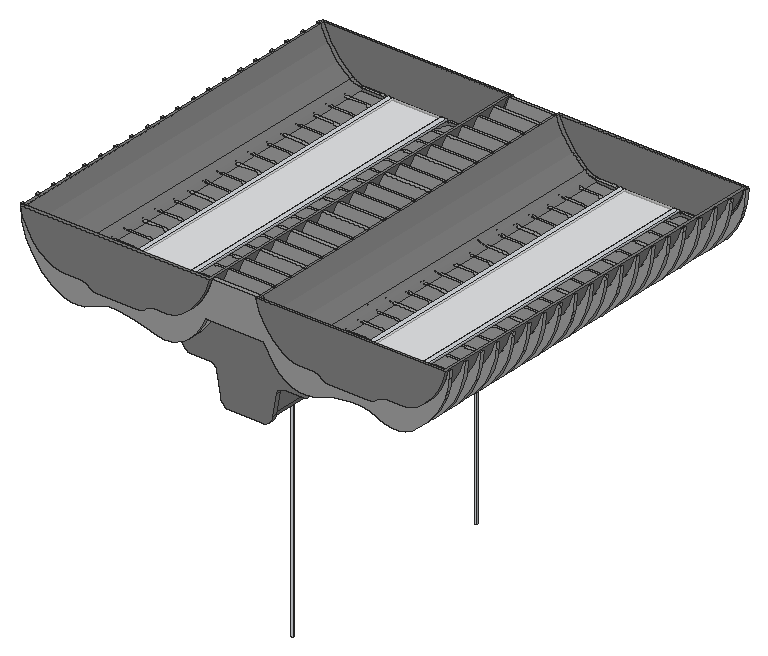
Revit family "0039267 Feilo Sylvania Lighting Fixtures SYLBAY LED 4000K 13KLM AISLE DALI", category Lighting Fixtures, host Face, Revit 2017
Family settings
  Host = Face
  Round Connector Dimension = Use Diameter
  Part Type = Normal
  OmniClass Number = 23.80.70.00
  OmniClass Title = Lighting
  Cut with Voids When Loaded = No
  Light Source = Yes
  Shared = No
  Room Calculation Point = No
Parameters (values of type "0039267 SYLBAY LED 4000K 13KLM AISLE DALI")
  WireRadius_FEILO = 1 mm
  Weight = "4.6 kg"
  Wattage Comments = "n/a"
  Wattage = 95 W
  WarrantyStartDate [instance] = "n/a"
  WarrantyGuarantorParts = "n/a"
  WarrantyDurationUnit = "n/a"
  WarrantyDurationParts = "n/a"
  WarrantyDescription = "n/a"
  built-in parameter 1150110 = 1 (stored number, unit not read)
  Voltage = 230 V
  URL = "http://www.sylvania-lighting.com"
  TypeName = "SYLBAY LED 4000K 13KLM AISLE DALI"
  Type Image = <None>
  Type Comments = "n/a"
  built-in parameter 1114217 = 1 (stored number, unit not read)
  Tilt Angle = -90.00°
  built-in parameter 1150109 = 1 (stored number, unit not read)
  built-in parameter 1150134 = 12
  SuspensionHeight_FEILO [instance] = if(SurfaceMounted_FEILO, 107 mm, SuspensionHeightEntry_FEILO)  # 300 mm
  SuspensionHeightEntry_FEILO [instance] = 300 mm
  SurfaceMounted_FEILO [instance] = no
  built-in parameter 1150113 = 1 (stored number, unit not read)
  SerialNumber [instance] = "n/a"
  ReflectorMaterial = none
  PowerFactor = 0
  PowerConsumption = "95 W"
  Photometric Web File = "0039267.ies"
  NominalLength = 330 mm
  NominalHeight = 105 mm
  NominalDepth = 375 mm
  Name = "SYLBAY LED 4000K 13KLM AISLE DALI"
  ModelReference = "SYLBAY LED 4000K 13KLM AISLE DALI"
  ModelNumber = "0039267"
  Model = "SYLBAY LED 4000K 13KLM AISLE DALI"
  Material = "aluminium housing"
  ManufacturerName = "Feilo Sylvania"
  Manufacturer = "Feilo Sylvania"
  LuminousEfficacy = "138.79 lm/W"
  built-in parameter 1150105 = 18311.2 (stored number, unit not read)
  Lumens = 13185 lm
  LuminaireType = ""
  built-in parameter 1150115 = 1 (stored number, unit not read)
  LightOutputRatio = "100"
  built-in parameter 1150137 = (empty or 0)
  built-in parameter 1150139 = (empty or 0)
  LampsType = Lamp  # "LED"
  LampNominalLuminous = "13046 lm"
  LampMacAdamStep = "n/a"
  LampColourTemperature = "4000 K"
  LampColourRenderingIndex = "80"
  built-in parameter 1150112 = 1 (stored number, unit not read)
  built-in parameter 1150114 = 1 (stored number, unit not read)
  Lamp = "LED"
  Keynote = "16500"
  InstallationDate [instance] = "n/a"
  InputVoltage = "220-240V~"
  InputNominalFrequency = "50/60 Hz"
  built-in parameter 1150132 = (empty or 0)
  built-in parameter 1150102 = (empty or 0)
  built-in parameter 1150107 = 4000 (stored number, unit not read)
  built-in parameter 1150138 = (empty or 0)
  IngressProtection = "IP65"
  ImpactProtectionIndex = "IK08"
  built-in parameter 1150106 = 183.11 (stored number, unit not read)
  IfcExportType = "IfcLightFixtureType"
  IfcExportAs = "IfcLightFixtureType"
  ExpectedLife = 50000
  Emit from Rectangle Width = 365 mm
  Emit from Rectangle Length = 320 mm
  Emit Shape Visible in Rendering = no
  ElectricShockClassification = "Class I"
  built-in parameter 1150104 = 12.894 (stored number, unit not read)
  DurationUnit = "hours"
  DocumentationLiterature = "http://www.sylvania-lighting.com/product/en-int/products/0039267"
  DimmingControlOptions = "Dimmable"
  Dimming Lamp Color Temperature Shift = <None>
  DiffuserMaterial = Diffuser-Sylvania-Sylbay-Transparent
  Description = "Specification industrial high bay luminaire, robust and durable, slim design, high output and efficiency, lightweight, aluminium housing with shatter-resistant polycarbonate lens optic, 13,000 lumens, 95W, 137lm/W, 4000K, 1400mA, CRI 80, aisle beam optic, DALI dimmable, IP65, IK08, 100,000 hrs (L90B10), (LxWxH) 330x375x105mm, 3 step MacAdam ellipse, 4.6kg, aluminium finish, Class 1, 220-240V, integrated LED, energy class: A++, A+, A."
  Default Elevation = 1219.2 mm
  CreatedOn = "17/11/2017"
  CreatedBy = ""
  Cost = 0
  Color Filter = 16777215
  built-in parameter 1114216 [instance] = (empty or 0)
  BodyMaterial = Body-Sylvania-Sylbay-Aluminium
  BarCode [instance] = "n/a"
  built-in parameter 1114218 = 1 (stored number, unit not read)
  built-in parameter 1150133 = 10 (stored number, unit not read)
  AssetType = "Fixed"
  AssetIdentifier [instance] = "n/a"
  Assembly Code = "D5020200"
  Apparent Load = 95 VA
  AccessoryMaterial = Accesory-Sylvania-Sylbay-White
Reference planes
  plane 1 "Center (Front/Back)": y = 0
  plane 2: z = 0
  plane 3 "Center (Left/Right)": x = 0
  plane 4: z = 300
  plane 5: y = -147
  plane 6: y = 100
  plane 7: y = -100
  plane 8: z = 237.522
  plane 9: z = 246.272
  plane 10: z = 227.522
  plane 11: z = 266.272
  plane 12: z = 256.272
  plane 13: z = 262.272
  plane 14: y = 147
  plane 15: y = -8.075
  plane 16: y = 8.075
  plane 17: y = -150
  plane 18: y = 150
  plane 19: z = 195
  plane 20: z = 193
Forms (mm)
  Extrusion 1, solid, material "Accesory-Sylvania-Sylbay-White" <- "AccessoryMaterial"
    sketch origin (0, 0, 0) x (1, 0, 0) y (0, 0, 1)
      loop
        arc (-39.258, 246.272) -> (-44.534, 242.283) -> (-50.507, 239.445) r 32.519
        arc (-50.507, 239.445) -> (-54.463, 232.388) -> (-48, 227.522) r 6.147
        line (-48, 227.522) -> (-32.102, 227.522)
        arc (-32.102, 227.522) -> (-26.92, 225.616) -> (-24.206, 220.808) r 8
        line (-24.206, 220.808) -> (-21.094, 201.713)
        arc (-21.094, 201.713) -> (-18.38, 196.905) -> (-13.198, 195) r 8
        line (-13.198, 195) -> (13.198, 195)
        arc (13.198, 195) -> (18.393, 196.916) -> (21.099, 201.746) r 8
        line (21.099, 201.746) -> (24.206, 220.808)
        arc (24.206, 220.808) -> (26.92, 225.616) -> (32.102, 227.522) r 8
        line (32.102, 227.522) -> (48, 227.522)
        arc (48, 227.522) -> (54.463, 232.388) -> (50.507, 239.445) r 6.147
        arc (50.507, 239.445) -> (44.534, 242.283) -> (39.258, 246.272) r 32.519
        arc (39.258, 246.272) -> (31.199, 255.531) -> (25.254, 266.272) r 58.361
        line (25.254, 266.272) -> (-25.254, 266.272)
        arc (-25.254, 266.272) -> (-31.199, 255.531) -> (-39.258, 246.272) r 58.361
    from -147 to 147
  Extrusion 2, solid, material "Body-Sylvania-Sylbay-Aluminium" <- "BodyMaterial", detail levels medium+fine
    sketch origin (0, 0, 0) x (1, 0, 0) y (0, 0, 1)
      loop
        arc (-32.102, 225.522) -> (-28.215, 224.093) -> (-26.18, 220.487) r 6
        line (-26.18, 220.487) -> (-23.068, 201.392)
        arc (-23.068, 201.392) -> (-19.676, 195.381) -> (-13.198, 193) r 10
        line (-13.198, 193) -> (13.198, 193)
        arc (13.198, 193) -> (19.69, 195.393) -> (23.074, 201.428) r 10
        line (23.074, 201.428) -> (26.18, 220.487)
        arc (26.18, 220.487) -> (28.215, 224.093) -> (32.102, 225.522) r 6
        line (32.102, 225.522) -> (47.932, 225.522)
        arc (47.932, 225.522) -> (54.718, 228.451) -> (56.343, 235.661) r 8.147
        arc (56.343, 235.661) -> (55.292, 237.506) -> (53.445, 238.553) r 4
        arc (53.445, 238.553) -> (45.865, 241.518) -> (39.258, 246.272) r 32.519
        arc (39.258, 246.272) -> (32.89, 253.237) -> (27.728, 261.137) r 58.361
        arc (27.728, 261.137) -> (25.523, 263.429) -> (22.456, 264.272) r 6
        line (22.456, 264.272) -> (-22.456, 264.272)
        arc (-22.456, 264.272) -> (-25.523, 263.429) -> (-27.728, 261.137) r 6
        arc (-27.728, 261.137) -> (-32.89, 253.237) -> (-39.258, 246.272) r 58.361
        arc (-39.258, 246.272) -> (-45.865, 241.518) -> (-53.445, 238.553) r 32.519
        arc (-53.445, 238.553) -> (-55.292, 237.506) -> (-56.343, 235.661) r 4
        arc (-56.343, 235.661) -> (-54.718, 228.451) -> (-47.932, 225.522) r 8.147
        line (-47.932, 225.522) -> (-32.102, 225.522)
    from 147 to 150
  Extrusion 3, solid, detail levels medium+fine
    sketch origin (0, 0, 0) x (1, 0, 0) y (0, 0, 1)
      loop
        line (-47.932, 225.522) -> (-32.102, 225.522)
        arc (-32.102, 225.522) -> (-28.215, 224.093) -> (-26.18, 220.487) r 6
        line (-26.18, 220.487) -> (-23.068, 201.392)
        arc (-23.068, 201.392) -> (-19.676, 195.381) -> (-13.198, 193) r 10
        line (-13.198, 193) -> (13.198, 193)
        arc (13.198, 193) -> (19.69, 195.393) -> (23.074, 201.428) r 10
        line (23.074, 201.428) -> (26.18, 220.487)
        arc (26.18, 220.487) -> (28.215, 224.093) -> (32.102, 225.522) r 6
        line (32.102, 225.522) -> (47.932, 225.522)
        arc (47.932, 225.522) -> (54.718, 228.451) -> (56.343, 235.661) r 8.147
        arc (56.343, 235.661) -> (55.292, 237.506) -> (53.445, 238.553) r 4
        arc (53.445, 238.553) -> (45.865, 241.518) -> (39.258, 246.272) r 32.519
        arc (39.258, 246.272) -> (32.89, 253.237) -> (27.728, 261.137) r 58.361
        arc (27.728, 261.137) -> (25.523, 263.429) -> (22.456, 264.272) r 6
        line (22.456, 264.272) -> (-22.456, 264.272)
        arc (-22.456, 264.272) -> (-25.523, 263.429) -> (-27.728, 261.137) r 6
        arc (-27.728, 261.137) -> (-32.89, 253.237) -> (-39.258, 246.272) r 58.361
        arc (-39.258, 246.272) -> (-45.865, 241.518) -> (-53.445, 238.553) r 32.519
        arc (-53.445, 238.553) -> (-55.292, 237.506) -> (-56.343, 235.661) r 4
        arc (-56.343, 235.661) -> (-54.718, 228.451) -> (-47.932, 225.522) r 8.147
    from -150 to -147
  Extrusion 4, solid
    sketch origin (-316.531, -4572, 195) x (-1, 0, 0) y (0, -1, 0)
      loop
        circle (-316.531, -4672) r 1
      loop
        circle (-316.531, -4472) r 1
    from 0 to -195
Dimensions and locks
  "SuspensionHeight_FEILO": plane 4 to plane 2
  equal spacing: plane 7, plane 1 "Center (Front/Back)", plane 6
  locked: plane 1 "Center (Front/Back)" to plane 6 at 100
  locked: plane 4 to plane 8 at 62.478
  locked: plane 4 to plane 9 at 53.728
  plane 4 to plane 10 = 72.478 mm
  locked: plane 4 to plane 11 at 33.728
  locked: plane 12 to plane 9 at 10
  locked: plane 13 to plane 12 at 6
  locked: plane 3 "Center (Left/Right)" to Extrusion 1 sketch curve at 48.447
  locked: Extrusion 1 sketch curve to plane 3 "Center (Left/Right)" at 48.447
  locked: plane 4 to Extrusion 1 sketch curve at 66.347  (x2)
  Extrusion 1 sketch curve to plane 3 "Center (Left/Right)" to Extrusion 1 sketch curve = 13.198 mm locked, 13.198 mm locked
  Extrusion 1 sketch curve to plane 3 "Center (Left/Right)" to Extrusion 1 sketch curve = 32.102 mm locked, 32.102 mm locked
  locked: plane 4 to Extrusion 1 sketch curve at 97  (x2)
  locked: plane 4 to Extrusion 1 sketch curve at 80.478  (x2)
  equal spacing: plane 15, plane 1 "Center (Front/Back)", plane 16
  locked: plane 15 to plane 16 at 16.15
  locked: plane 10 to Extrusion 2 sketch curve at 2
  plane 10 to Extrusion 2 sketch curve = 2 mm
  locked: Extrusion 2 sketch curve to Extrusion 1 at 2  (x2)
  locked: Extrusion 2 sketch curve to plane 3 "Center (Left/Right)" at 52.466
  locked: plane 3 "Center (Left/Right)" to Extrusion 2 sketch curve at 52.466
  locked: plane 4 to Extrusion 2 sketch curve at 65.325  (x2)
  locked: plane 4 to Extrusion 2 sketch curve at 41.728  (x2)
  locked: plane 3 "Center (Left/Right)" to Extrusion 2 sketch curve at 22.456
  locked: Extrusion 2 sketch curve to plane 3 "Center (Left/Right)" at 22.456
  locked: plane 4 to plane 19 at 105
  locked: plane 19 to plane 20 at 2
  locked: plane 1 "Center (Front/Back)" to plane 18 at 150
  locked: plane 14 to plane 18 at 3
  locked: plane 17 to plane 1 "Center (Front/Back)" at 150
  locked: plane 17 to plane 5 at 3
  "WireRadius_FEILO": radius of Extrusion 4 sketch curve  (x2)
  aligned and locked: plane 2 to host face
  aligned and locked: level to host face
  aligned and locked: plane 10 to Extrusion 1 sketch curve
  aligned and locked: plane 5 to Extrusion 1
  aligned and locked: Extrusion 1 to plane 14
  aligned and locked: imposter light to plane 4
  aligned and locked: plane 3 "Center (Left/Right)" to imposter light
  aligned and locked: plane 1 "Center (Front/Back)" to imposter light
  aligned and locked: plane 17 to Extrusion 2
  aligned and locked: Extrusion 2 to plane 5
  aligned and locked: Extrusion 3 sketch curve to Extrusion 2  (x15)
  aligned and locked: Extrusion 3 to Extrusion 1
  aligned and locked: Extrusion 3 to plane 18
  aligned and locked: Extrusion 1 sketch curve to plane 19
  aligned and locked: plane 7 to Extrusion 4 sketch curve
  aligned and locked: plane 3 "Center (Left/Right)" to Extrusion 4 sketch curve  (x2)
  aligned and locked: plane 6 to Extrusion 4 sketch curve
  aligned and locked: Extrusion 1 to Extrusion 4
  aligned and locked: Extrusion 4 to level
  aligned and locked: plane 20 to Extrusion 2 sketch curve
  aligned and locked: plane 3 "Center (Left/Right)" to nested 1
  aligned and locked: plane 1 "Center (Front/Back)" to nested 1
Automatic sketch dimensions
  host sketch curve to host sketch curve = 2438.4 mm  (x2)
  Extrusion 1 sketch curve to plane 9 = 0 mm  (x4)
  Extrusion 1 sketch curve to plane 10 = 0 mm
  plane 11 to Extrusion 1 sketch curve = 3.811 mm
  Extrusion 1 sketch curve to Extrusion 1 sketch curve = 36.151 mm  (x2)
  Extrusion 1 sketch curve to plane 4 = 10.994 mm  (x2)
  Extrusion 1 sketch curve to plane 11 = 0 mm
  plane 9 to Extrusion 1 sketch curve = 23.811 mm
  Extrusion 1 sketch curve to plane 10 = 6.713 mm  (x2)
  plane 19 to Extrusion 1 sketch curve = 6.713 mm
  Extrusion 3 sketch curve to plane 10 = 7.035 mm  (x2)
  plane 19 to Extrusion 3 sketch curve = 6.392 mm
  plane 19 to Extrusion 1 sketch curve = 6.746 mm
  plane 19 to Extrusion 3 sketch curve = 6.428 mm
  plane 3 "Center (Left/Right)" to Extrusion 1 sketch curve = 25.254 mm
  Extrusion 1 sketch curve to Extrusion 1 sketch curve = 0.447 mm  (x2)
  Extrusion 1 sketch curve to Extrusion 1 sketch curve = 12.959 mm
  Extrusion 2 sketch curve to plane 9 = 0 mm  (x4)
  plane 11 to Extrusion 2 sketch curve = 3.811 mm  (x2)
  Extrusion 2 sketch curve to Extrusion 2 sketch curve = 8.939 mm  (x2)
  Extrusion 2 sketch curve to plane 4 = 10.994 mm  (x2)
  Extrusion 2 sketch curve to Extrusion 2 sketch curve = 17.6 mm  (x2)
  Extrusion 2 sketch curve to Extrusion 2 sketch curve = 4.02 mm  (x2)
  Extrusion 2 sketch curve to Extrusion 2 sketch curve = 0.514 mm
  Extrusion 2 sketch curve to plane 10 = 8 mm
  Extrusion 2 sketch curve to plane 10 = 7.035 mm  (x2)
  plane 19 to Extrusion 2 sketch curve = 6.392 mm
  plane 19 to Extrusion 2 sketch curve = 8 mm
  plane 3 "Center (Left/Right)" to Extrusion 2 sketch curve = 13.198 mm
  plane 19 to Extrusion 2 sketch curve = 6.428 mm
  Extrusion 2 sketch curve to Extrusion 2 sketch curve = 5.922 mm
  Extrusion 2 sketch curve to Extrusion 2 sketch curve = 4.534 mm
  Extrusion 2 sketch curve to plane 8 = 3.869 mm  (x2)
  Extrusion 2 sketch curve to plane 11 = 2 mm
  Extrusion 2 sketch curve to Extrusion 2 sketch curve = 0 mm  (x2)
Nested families
  nested 1: "SylbayBody" at (0, 0, 266.272), type "SylbayBody"
  nested 2: "SlybayRib" at (0, 144.453, 300), type "SylbayRib"
  nested 3: "SlybayRib" at (0, 127.406, 300), type "SylbayRib"
  nested 4: "SlybayRib" at (0, 110.358, 300), type "SylbayRib"
  nested 5: "SlybayRib" at (0, 93.311, 300), type "SylbayRib"
  nested 6: "SlybayRib" at (0, 76.264, 300), type "SylbayRib"
  nested 7: "SlybayRib" at (0, 59.217, 300), type "SylbayRib"
  nested 8: "SlybayRib" at (0, 42.169, 300), type "SylbayRib"
  nested 9: "SlybayRib" at (0, 25.122, 300), type "SylbayRib"
  nested 10: "SlybayRib" at (0, 161.5, 300), type "SylbayRib"
  nested 11: "SlybayRib" at (0, -144.453, 300), type "SylbayRib"
  nested 12: "SlybayRib" at (0, -127.406, 300), type "SylbayRib"
  nested 13: "SlybayRib" at (0, -110.358, 300), type "SylbayRib"
  nested 14: "SlybayRib" at (0, -93.311, 300), type "SylbayRib"
  nested 15: "SlybayRib" at (0, -76.264, 300), type "SylbayRib"
  nested 16: "SlybayRib" at (0, -59.217, 300), type "SylbayRib"
  nested 17: "SlybayRib" at (0, -42.169, 300), type "SylbayRib"
  nested 18: "SlybayRib" at (0, -25.122, 300), type "SylbayRib"
  nested 19: "SlybayRib" at (0, -161.5, 300), type "SylbayRib"
  nested 20: "SlybayRib" at (0, 8.075, 300), type "SylbayRib"
  nested 21: "SlybayRib" at (0, -8.075, 300), type "SylbayRib"
Connectors
  electrical at (0, 0, 0), driven by "Apparent Load"
    settings: index 1, voltage 230 V, apparent load 95 VA, apparent load phase1 0 VA, apparent load phase2 0 VA, apparent load phase3 0 VA, power factor 0, load classification "Lighting", number of poles 1, system type 30, power factor state 1, is connector primary yes, connector utility no, sub classification motor no, connector description ""
Definition of nested family "SylbayBody"
  Parameters (values of type "SylbayBody")
    URL = "http://www.feilosylvania.com"
    Type Image = (empty or 0)
    Type Comments = "n/a"
    RibLast_FEILO = 161.5 mm
    RibDistance_FEILO = RibLast_FEILO / 10  # 16.15 mm
    ReflectorMaterial = none
    Model = ""
    Manufacturer = "Feilo Sylvania"
    Keynote = ""
    DiffuserMaterial = none
    Description = "n/a"
    Default Elevation = 1219.2 mm
    Cost = 0
    BodyMaterial = none
    Assembly Code = "D5020200"
    AccessoryMaterial = none
  Reference planes
    plane 1 "Center (Front/Back)": y = 0
    plane 2: z = 0
    plane 3 "Center (Left/Right)": x = 0
    plane 4: x = -187.5
    plane 5: x = 187.5
    plane 6: z = 33.728
    plane 7: y = -165
    plane 8: y = 165
    plane 9: y = -148
    plane 10: y = 160
    plane 11: y = -160
    plane 12: z = -28.75
    plane 13: z = -20
    plane 14: x = -102.75
    plane 15: x = 102.75
    plane 16: z = 0
    plane 17: x = -185.5
    plane 18: x = -20
    plane 19: z = -10
    plane 20: x = -122.75
    plane 21: x = -82.75
    plane 22: z = -4
    plane 23: x = -130.75
    plane 24: x = -74.75
    plane 25: x = -145.75
    plane 26: x = -59.75
    plane 27: x = -25.3
    plane 28: x = -183.5
    plane 29: x = -22
    plane 30: y = -163
    plane 31: y = 163
    plane 32: x = 25.3
    plane 33: x = -48
    plane 34: x = 48
    plane 35: x = 20
    plane 36: y = 148
    plane 37: y = -161.5
    plane 38: y = 161.5
    plane 39: y = -8.075
    plane 40: y = 8.075
    plane 41: y = -151
    plane 42: y = 151
    plane 43: y = 149
    plane 44: y = 152
    plane 45: z = -2
    plane 46: z = 0
  Forms (mm)
    Extrusion 1, solid
      sketch origin (4.2, 0, 0) x (1, 0, 0) y (0, 1, 0)
        loop
          line (-1219.2, 1219.2) -> (-1219.2, -1219.2) -> (1219.2, -1219.2) -> (1219.2, 1219.2) -> (-1219.2, 1219.2)
      from 0 to -304.8
    Extrusion 2, solid, material <- "BodyMaterial", detail levels coarse+medium
      sketch origin (0, 0, -234.25) x (1, 0, 0) y (0, 0, 1)
        loop
          arc (-187.5, 267.978) -> (-180.003, 237.85) -> (-159.829, 214.25) r 67.598
          arc (-159.829, 214.25) -> (-143.258, 206.411) -> (-125.169, 209.379) r 30.791
          arc (-125.169, 209.379) -> (-113.533, 213.402) -> (-101.25, 214.25) r 46.777
          arc (-101.25, 214.25) -> (-87.202, 212.214) -> (-73.664, 207.942) r 87.865
          arc (-73.664, 207.942) -> (-55.541, 206.076) -> (-39.258, 214.25) r 32.519
          arc (-39.258, 214.25) -> (-31.199, 223.509) -> (-25.254, 234.25) r 58.361
          line (-25.254, 234.25) -> (25.254, 234.25)
          arc (25.254, 234.25) -> (31.199, 223.509) -> (39.258, 214.25) r 58.361
          arc (39.258, 214.25) -> (55.541, 206.076) -> (73.664, 207.942) r 32.519
          arc (73.664, 207.942) -> (87.202, 212.214) -> (101.25, 214.25) r 87.865
          arc (101.25, 214.25) -> (113.533, 213.402) -> (125.169, 209.379) r 46.777
          arc (125.169, 209.379) -> (143.258, 206.411) -> (159.829, 214.25) r 30.791
          arc (159.829, 214.25) -> (180.003, 237.85) -> (187.5, 267.978) r 67.598
          line (187.5, 267.978) -> (185.5, 267.978)
          arc (185.5, 267.978) -> (176.042, 248.665) -> (160.084, 234.25) r 56.823
          arc (160.084, 234.25) -> (153.191, 231.269) -> (145.75, 230.25) r 27.682
          line (145.75, 230.25) -> (132.583, 230.25)
          arc (132.583, 230.25) -> (129.421, 229.737) -> (126.583, 228.25) r 10
          line (126.583, 228.25) -> (123.917, 226.25)
          arc (123.917, 226.25) -> (121.079, 224.763) -> (117.917, 224.25) r 10
          line (117.917, 224.25) -> (84.583, 224.25)
          arc (84.583, 224.25) -> (81.421, 224.763) -> (78.583, 226.25) r 10
          line (78.583, 226.25) -> (75.917, 228.25)
          arc (75.917, 228.25) -> (73.079, 229.737) -> (69.917, 230.25) r 10
          line (69.917, 230.25) -> (58.25, 230.25)
          arc (58.25, 230.25) -> (51.55, 231.273) -> (45.461, 234.25) r 22.443
          arc (45.461, 234.25) -> (30.027, 249.073) -> (20, 267.978) r 67.602
          line (20, 267.978) -> (-20, 267.978)
          arc (-20, 267.978) -> (-30.027, 249.073) -> (-45.461, 234.25) r 67.602
          arc (-45.461, 234.25) -> (-51.55, 231.273) -> (-58.25, 230.25) r 22.443
          line (-58.25, 230.25) -> (-69.917, 230.25)
          arc (-69.917, 230.25) -> (-73.079, 229.737) -> (-75.917, 228.25) r 10
          line (-75.917, 228.25) -> (-78.583, 226.25)
          arc (-78.583, 226.25) -> (-81.421, 224.763) -> (-84.583, 224.25) r 10
          line (-84.583, 224.25) -> (-117.917, 224.25)
          arc (-117.917, 224.25) -> (-121.079, 224.763) -> (-123.917, 226.25) r 10
          line (-123.917, 226.25) -> (-126.583, 228.25)
          arc (-126.583, 228.25) -> (-129.421, 229.737) -> (-132.583, 230.25) r 10
          line (-132.583, 230.25) -> (-145.75, 230.25)
          arc (-145.75, 230.25) -> (-153.191, 231.269) -> (-160.084, 234.25) r 27.682
          arc (-160.084, 234.25) -> (-176.042, 248.665) -> (-185.5, 267.978) r 56.823
          line (-185.5, 267.978) -> (-187.5, 267.978)
      from 160 to -160
    Extrusion 3, solid, material <- "BodyMaterial"
      sketch origin (0, 0, -234.25) x (1, 0, 0) y (0, 0, 1)
        loop
          arc (-145.75, 230.25) -> (-152.168, 231.276) -> (-157.947, 234.25) r 20.597
          arc (-157.947, 234.25) -> (-173.175, 249.257) -> (-183.5, 267.978) r 74.319
          line (-183.5, 267.978) -> (-185.5, 267.978)
          arc (-185.5, 267.978) -> (-176.042, 248.665) -> (-160.084, 234.25) r 56.823
          arc (-160.084, 234.25) -> (-153.191, 231.269) -> (-145.75, 230.25) r 27.682
        loop
          arc (-45.461, 234.25) -> (-30.027, 249.073) -> (-20, 267.978) r 67.602
          line (-20, 267.978) -> (-22, 267.978)
          arc (-22, 267.978) -> (-31.964, 249.398) -> (-46.63, 234.25) r 76.357
          arc (-46.63, 234.25) -> (-52.105, 231.278) -> (-58.25, 230.25) r 18.878
          arc (-58.25, 230.25) -> (-51.55, 231.273) -> (-45.461, 234.25) r 22.443
        loop
          arc (145.75, 230.25) -> (153.191, 231.269) -> (160.084, 234.25) r 27.682
          arc (160.084, 234.25) -> (176.042, 248.665) -> (185.5, 267.978) r 56.823
          line (185.5, 267.978) -> (183.5, 267.978)
          arc (183.5, 267.978) -> (173.175, 249.257) -> (157.947, 234.25) r 74.319
          arc (157.947, 234.25) -> (152.168, 231.276) -> (145.75, 230.25) r 20.597
        loop
          arc (45.461, 234.25) -> (51.55, 231.273) -> (58.25, 230.25) r 22.443
          arc (58.25, 230.25) -> (52.105, 231.278) -> (46.63, 234.25) r 18.878
          arc (46.63, 234.25) -> (31.964, 249.398) -> (22, 267.978) r 76.357
          line (22, 267.978) -> (20, 267.978)
          arc (20, 267.978) -> (30.027, 249.073) -> (45.461, 234.25) r 67.602
      from -160 to 160
    Extrusion 4, solid, material <- "BodyMaterial"
      sketch origin (0, -165, -843.85) x (0, 0, -1) y (1, 0, 0)
        loop
          arc (-837.85, -132.583) -> (-837.439, -130.054) -> (-836.25, -127.783) r 8
          line (-836.25, -127.783) -> (-834.25, -125.117)
          arc (-834.25, -125.117) -> (-832.466, -121.711) -> (-831.85, -117.917) r 12
          line (-831.85, -117.917) -> (-831.85, -84.583)
          arc (-831.85, -84.583) -> (-832.466, -80.789) -> (-834.25, -77.383) r 12
          line (-834.25, -77.383) -> (-836.25, -74.717)
          arc (-836.25, -74.717) -> (-837.439, -72.446) -> (-837.85, -69.917) r 8
          line (-837.85, -69.917) -> (-837.85, -58.25)
          arc (-837.85, -58.25) -> (-838.965, -50.953) -> (-842.206, -44.322) r 24.443
          arc (-842.206, -44.322) -> (-857.666, -28.923) -> (-877.578, -20) r 60.581
          line (-877.578, -20) -> (-877.578, -22)
          arc (-877.578, -22) -> (-858.998, -31.964) -> (-843.85, -46.63) r 76.357
          arc (-843.85, -46.63) -> (-840.878, -52.105) -> (-839.85, -58.25) r 18.878
          line (-839.85, -58.25) -> (-839.85, -69.917)
          arc (-839.85, -69.917) -> (-839.337, -73.079) -> (-837.85, -75.917) r 10
          line (-837.85, -75.917) -> (-835.85, -78.583)
          arc (-835.85, -78.583) -> (-834.363, -81.421) -> (-833.85, -84.583) r 10
          line (-833.85, -84.583) -> (-833.85, -117.917)
          arc (-833.85, -117.917) -> (-834.363, -121.079) -> (-835.85, -123.917) r 10
          line (-835.85, -123.917) -> (-837.85, -126.583)
          arc (-837.85, -126.583) -> (-839.337, -129.421) -> (-839.85, -132.583) r 10
          line (-839.85, -132.583) -> (-839.85, -145.75)
          arc (-839.85, -145.75) -> (-840.876, -152.168) -> (-843.85, -157.947) r 20.597
          arc (-843.85, -157.947) -> (-858.857, -173.175) -> (-877.578, -183.5) r 74.319
          line (-877.578, -183.5) -> (-877.578, -185.5)
          arc (-877.578, -185.5) -> (-857.235, -177.123) -> (-842.139, -161.119) r 52.287
          arc (-842.139, -161.119) -> (-838.942, -153.728) -> (-837.85, -145.75) r 29.682
          line (-837.85, -145.75) -> (-837.85, -132.583)
        loop
          line (-837.85, 132.583) -> (-837.85, 145.75)
          arc (-837.85, 145.75) -> (-838.942, 153.728) -> (-842.139, 161.119) r 29.682
          arc (-842.139, 161.119) -> (-857.235, 177.123) -> (-877.578, 185.5) r 52.287
          line (-877.578, 185.5) -> (-877.578, 183.5)
          arc (-877.578, 183.5) -> (-858.857, 173.175) -> (-843.85, 157.947) r 74.319
          arc (-843.85, 157.947) -> (-840.876, 152.168) -> (-839.85, 145.75) r 20.597
          line (-839.85, 145.75) -> (-839.85, 132.583)
          arc (-839.85, 132.583) -> (-839.337, 129.421) -> (-837.85, 126.583) r 10
          line (-837.85, 126.583) -> (-835.85, 123.917)
          arc (-835.85, 123.917) -> (-834.363, 121.079) -> (-833.85, 117.917) r 10
          line (-833.85, 117.917) -> (-833.85, 84.583)
          arc (-833.85, 84.583) -> (-834.363, 81.421) -> (-835.85, 78.583) r 10
          line (-835.85, 78.583) -> (-837.85, 75.917)
          arc (-837.85, 75.917) -> (-839.337, 73.079) -> (-839.85, 69.917) r 10
          line (-839.85, 69.917) -> (-839.85, 58.25)
          arc (-839.85, 58.25) -> (-840.878, 52.105) -> (-843.85, 46.63) r 18.878
          arc (-843.85, 46.63) -> (-858.998, 31.964) -> (-877.578, 22) r 76.357
          line (-877.578, 22) -> (-877.578, 20)
          arc (-877.578, 20) -> (-857.666, 28.923) -> (-842.206, 44.322) r 60.581
          arc (-842.206, 44.322) -> (-838.965, 50.953) -> (-837.85, 58.25) r 24.443
          line (-837.85, 58.25) -> (-837.85, 69.917)
          arc (-837.85, 69.917) -> (-837.439, 72.446) -> (-836.25, 74.717) r 8
          line (-836.25, 74.717) -> (-834.25, 77.383)
          arc (-834.25, 77.383) -> (-832.466, 80.789) -> (-831.85, 84.583) r 12
          line (-831.85, 84.583) -> (-831.85, 117.917)
          arc (-831.85, 117.917) -> (-832.466, 121.711) -> (-834.25, 125.117) r 12
          line (-834.25, 125.117) -> (-836.25, 127.783)
          arc (-836.25, 127.783) -> (-837.439, 130.054) -> (-837.85, 132.583) r 8
      from -2 to -5
    Extrusion 5, solid, material <- "BodyMaterial"
      sketch origin (0, 165, -843.85) x (0, 0, -1) y (1, 0, 0)
        loop
          line (-831.85, -117.917) -> (-831.85, -84.583)
          arc (-831.85, -84.583) -> (-832.466, -80.789) -> (-834.25, -77.383) r 12
          line (-834.25, -77.383) -> (-836.25, -74.717)
          arc (-836.25, -74.717) -> (-837.439, -72.446) -> (-837.85, -69.917) r 8
          line (-837.85, -69.917) -> (-837.85, -58.25)
          arc (-837.85, -58.25) -> (-838.965, -50.953) -> (-842.206, -44.322) r 24.443
          arc (-842.206, -44.322) -> (-857.666, -28.923) -> (-877.578, -20) r 60.581
          line (-877.578, -20) -> (-877.578, -22)
          arc (-877.578, -22) -> (-858.998, -31.964) -> (-843.85, -46.63) r 76.357
          arc (-843.85, -46.63) -> (-840.878, -52.105) -> (-839.85, -58.25) r 18.878
          line (-839.85, -58.25) -> (-839.85, -69.917)
          arc (-839.85, -69.917) -> (-839.337, -73.079) -> (-837.85, -75.917) r 10
          line (-837.85, -75.917) -> (-835.85, -78.583)
          arc (-835.85, -78.583) -> (-834.363, -81.421) -> (-833.85, -84.583) r 10
          line (-833.85, -84.583) -> (-833.85, -117.917)
          arc (-833.85, -117.917) -> (-834.363, -121.079) -> (-835.85, -123.917) r 10
          line (-835.85, -123.917) -> (-837.85, -126.583)
          arc (-837.85, -126.583) -> (-839.337, -129.421) -> (-839.85, -132.583) r 10
          line (-839.85, -132.583) -> (-839.85, -145.75)
          arc (-839.85, -145.75) -> (-840.876, -152.168) -> (-843.85, -157.947) r 20.597
          arc (-843.85, -157.947) -> (-858.857, -173.175) -> (-877.578, -183.5) r 74.319
          line (-877.578, -183.5) -> (-877.578, -185.5)
          arc (-877.578, -185.5) -> (-857.235, -177.123) -> (-842.139, -161.119) r 52.287
          arc (-842.139, -161.119) -> (-838.942, -153.728) -> (-837.85, -145.75) r 29.682
          line (-837.85, -145.75) -> (-837.85, -132.583)
          arc (-837.85, -132.583) -> (-837.439, -130.054) -> (-836.25, -127.783) r 8
          line (-836.25, -127.783) -> (-834.25, -125.117)
          arc (-834.25, -125.117) -> (-832.466, -121.711) -> (-831.85, -117.917) r 12
        loop
          line (-831.85, 84.583) -> (-831.85, 117.917)
          arc (-831.85, 117.917) -> (-832.466, 121.711) -> (-834.25, 125.117) r 12
          line (-834.25, 125.117) -> (-836.25, 127.783)
          arc (-836.25, 127.783) -> (-837.439, 130.054) -> (-837.85, 132.583) r 8
          line (-837.85, 132.583) -> (-837.85, 145.75)
          arc (-837.85, 145.75) -> (-838.942, 153.728) -> (-842.139, 161.119) r 29.682
          arc (-842.139, 161.119) -> (-857.235, 177.123) -> (-877.578, 185.5) r 52.287
          line (-877.578, 185.5) -> (-877.578, 183.5)
          arc (-877.578, 183.5) -> (-858.857, 173.175) -> (-843.85, 157.947) r 74.319
          arc (-843.85, 157.947) -> (-840.876, 152.168) -> (-839.85, 145.75) r 20.597
          line (-839.85, 145.75) -> (-839.85, 132.583)
          arc (-839.85, 132.583) -> (-839.337, 129.421) -> (-837.85, 126.583) r 10
          line (-837.85, 126.583) -> (-835.85, 123.917)
          arc (-835.85, 123.917) -> (-834.363, 121.079) -> (-833.85, 117.917) r 10
          line (-833.85, 117.917) -> (-833.85, 84.583)
          arc (-833.85, 84.583) -> (-834.363, 81.421) -> (-835.85, 78.583) r 10
          line (-835.85, 78.583) -> (-837.85, 75.917)
          arc (-837.85, 75.917) -> (-839.337, 73.079) -> (-839.85, 69.917) r 10
          line (-839.85, 69.917) -> (-839.85, 58.25)
          arc (-839.85, 58.25) -> (-840.878, 52.105) -> (-843.85, 46.63) r 18.878
          arc (-843.85, 46.63) -> (-858.998, 31.964) -> (-877.578, 22) r 76.357
          line (-877.578, 22) -> (-877.578, 20)
          arc (-877.578, 20) -> (-857.666, 28.923) -> (-842.206, 44.322) r 60.581
          arc (-842.206, 44.322) -> (-838.965, 50.953) -> (-837.85, 58.25) r 24.443
          line (-837.85, 58.25) -> (-837.85, 69.917)
          arc (-837.85, 69.917) -> (-837.439, 72.446) -> (-836.25, 74.717) r 8
          line (-836.25, 74.717) -> (-834.25, 77.383)
          arc (-834.25, 77.383) -> (-832.466, 80.789) -> (-831.85, 84.583) r 12
      from 2 to 5
    Extrusion 6, solid, material <- "BodyMaterial"
      sketch origin (0, 165, -843.85) x (0, 0, -1) y (1, 0, 0)
        loop
          arc (-842.206, -44.322) -> (-857.666, -28.923) -> (-877.578, -20) r 60.581
          line (-877.578, -20) -> (-877.578, -185.5)
          arc (-877.578, -185.5) -> (-857.235, -177.123) -> (-842.139, -161.119) r 52.287
          arc (-842.139, -161.119) -> (-838.942, -153.728) -> (-837.85, -145.75) r 29.682
          line (-837.85, -145.75) -> (-837.85, -132.583)
          arc (-837.85, -132.583) -> (-837.439, -130.054) -> (-836.25, -127.783) r 8
          line (-836.25, -127.783) -> (-834.25, -125.117)
          arc (-834.25, -125.117) -> (-832.466, -121.711) -> (-831.85, -117.917) r 12
          line (-831.85, -117.917) -> (-831.85, -84.583)
          arc (-831.85, -84.583) -> (-832.466, -80.789) -> (-834.25, -77.383) r 12
          line (-834.25, -77.383) -> (-836.25, -74.717)
          arc (-836.25, -74.717) -> (-837.439, -72.446) -> (-837.85, -69.917) r 8
          line (-837.85, -69.917) -> (-837.85, -58.25)
          arc (-837.85, -58.25) -> (-838.965, -50.953) -> (-842.206, -44.322) r 24.443
        loop
          arc (-877.578, 20) -> (-857.666, 28.923) -> (-842.206, 44.322) r 60.581
          arc (-842.206, 44.322) -> (-838.965, 50.953) -> (-837.85, 58.25) r 24.443
          line (-837.85, 58.25) -> (-837.85, 69.917)
          arc (-837.85, 69.917) -> (-837.439, 72.446) -> (-836.25, 74.717) r 8
          line (-836.25, 74.717) -> (-834.25, 77.383)
          arc (-834.25, 77.383) -> (-832.466, 80.789) -> (-831.85, 84.583) r 12
          line (-831.85, 84.583) -> (-831.85, 117.917)
          arc (-831.85, 117.917) -> (-832.466, 121.711) -> (-834.25, 125.117) r 12
          line (-834.25, 125.117) -> (-836.25, 127.783)
          arc (-836.25, 127.783) -> (-837.439, 130.054) -> (-837.85, 132.583) r 8
          line (-837.85, 132.583) -> (-837.85, 145.75)
          arc (-837.85, 145.75) -> (-838.942, 153.728) -> (-842.139, 161.119) r 29.682
          arc (-842.139, 161.119) -> (-857.235, 177.123) -> (-877.578, 185.5) r 52.287
          line (-877.578, 185.5) -> (-877.578, 20)
      from 0 to 2
    Extrusion 7, solid, material <- "BodyMaterial"
      sketch origin (0, -165, -843.85) x (0, 0, -1) y (1, 0, 0)
        loop
          line (-877.578, -20) -> (-877.578, -185.5)
          arc (-877.578, -185.5) -> (-857.235, -177.123) -> (-842.139, -161.119) r 52.287
          arc (-842.139, -161.119) -> (-838.942, -153.728) -> (-837.85, -145.75) r 29.682
          line (-837.85, -145.75) -> (-837.85, -132.583)
          arc (-837.85, -132.583) -> (-837.439, -130.054) -> (-836.25, -127.783) r 8
          line (-836.25, -127.783) -> (-834.25, -125.117)
          arc (-834.25, -125.117) -> (-832.466, -121.711) -> (-831.85, -117.917) r 12
          line (-831.85, -117.917) -> (-831.85, -84.583)
          arc (-831.85, -84.583) -> (-832.466, -80.789) -> (-834.25, -77.383) r 12
          line (-834.25, -77.383) -> (-836.25, -74.717)
          arc (-836.25, -74.717) -> (-837.439, -72.446) -> (-837.85, -69.917) r 8
          line (-837.85, -69.917) -> (-837.85, -58.25)
          arc (-837.85, -58.25) -> (-838.965, -50.953) -> (-842.206, -44.322) r 24.443
          arc (-842.206, -44.322) -> (-857.666, -28.923) -> (-877.578, -20) r 60.581
        loop
          line (-877.578, 185.5) -> (-877.578, 20)
          arc (-877.578, 20) -> (-857.666, 28.923) -> (-842.206, 44.322) r 60.581
          arc (-842.206, 44.322) -> (-838.965, 50.953) -> (-837.85, 58.25) r 24.443
          line (-837.85, 58.25) -> (-837.85, 69.917)
          arc (-837.85, 69.917) -> (-837.439, 72.446) -> (-836.25, 74.717) r 8
          line (-836.25, 74.717) -> (-834.25, 77.383)
          arc (-834.25, 77.383) -> (-832.466, 80.789) -> (-831.85, 84.583) r 12
          line (-831.85, 84.583) -> (-831.85, 117.917)
          arc (-831.85, 117.917) -> (-832.466, 121.711) -> (-834.25, 125.117) r 12
          line (-834.25, 125.117) -> (-836.25, 127.783)
          arc (-836.25, 127.783) -> (-837.439, 130.054) -> (-837.85, 132.583) r 8
          line (-837.85, 132.583) -> (-837.85, 145.75)
          arc (-837.85, 145.75) -> (-838.942, 153.728) -> (-842.139, 161.119) r 29.682
          arc (-842.139, 161.119) -> (-857.235, 177.123) -> (-877.578, 185.5) r 52.287
      from 0 to -2
    Extrusion 8, solid, detail levels medium+fine
      sketch origin (0, 0, -234.25) x (1, 0, 0) y (0, 0, 1)
        loop
          arc (-123.917, 226.25) -> (-121.079, 224.763) -> (-117.917, 224.25) r 10
          line (-117.917, 224.25) -> (-84.583, 224.25)
          arc (-84.583, 224.25) -> (-81.421, 224.763) -> (-78.583, 226.25) r 10
          line (-78.583, 226.25) -> (-75.917, 228.25)
          arc (-75.917, 228.25) -> (-75.417, 229.25) -> (-75.917, 230.25) r 1.25
          line (-75.917, 230.25) -> (-79.782, 230.25) -> (-79.782, 228.278) -> (-122.75, 228.278) -> (-122.75, 230.25) -> (-126.583, 230.25)
          arc (-126.583, 230.25) -> (-127.083, 229.25) -> (-126.583, 228.25) r 1.25
          line (-126.583, 228.25) -> (-123.917, 226.25)
        loop
          line (123.917, 226.25) -> (126.583, 228.25)
          arc (126.583, 228.25) -> (127.083, 229.25) -> (126.583, 230.25) r 1.25
          line (126.583, 230.25) -> (122.75, 230.25) -> (122.75, 228.278) -> (79.782, 228.278) -> (79.782, 230.25) -> (75.917, 230.25)
          arc (75.917, 230.25) -> (75.417, 229.25) -> (75.917, 228.25) r 1.25
          line (75.917, 228.25) -> (78.583, 226.25)
          arc (78.583, 226.25) -> (81.421, 224.763) -> (84.583, 224.25) r 10
          line (84.583, 224.25) -> (117.917, 224.25)
          arc (117.917, 224.25) -> (121.079, 224.763) -> (123.917, 226.25) r 10
      from -163 to 163
    Extrusion 9, solid, material <- "DiffuserMaterial", detail levels medium+fine
      sketch origin (0, 0, -234.25) x (1, 0, 0) y (0, 0, 1)
        loop
          line (-122.75, 230.25) -> (-122.75, 228.278) -> (-79.782, 228.278) -> (-79.782, 230.25) -> (-122.75, 230.25)
        loop
          line (79.782, 230.25) -> (79.782, 228.278) -> (122.75, 228.278) -> (122.75, 230.25) -> (79.782, 230.25)
      from -163 to 163
  Cuts and joins
    joined: Extrusion 3, Extrusion 4, Extrusion 5, Extrusion 6, Extrusion 7
  Dimensions and locks
    equal spacing: plane 5, plane 3 "Center (Left/Right)", plane 4
    locked: plane 5 to plane 4 at 375
    equal spacing: plane 7, plane 1 "Center (Front/Back)", plane 8
    locked: plane 7 to plane 8 at 330
    locked: plane 6 to plane 12 at 62.478
    locked: plane 6 to plane 13 at 53.728
    equal spacing: plane 15, plane 3 "Center (Left/Right)", plane 14
    plane 3 "Center (Left/Right)" to plane 14 = 102.75 mm
    locked: plane 6 to plane 16 at 33.728
    equal spacing: plane 18, plane 14, plane 17
    locked: plane 19 to plane 13 at 10
    equal spacing: plane 21, plane 14, plane 20
    locked: plane 14 to plane 20 at 20
    locked: plane 22 to plane 19 at 6
    equal spacing: plane 24, plane 14, plane 23
    locked: plane 20 to plane 23 at 8
    equal spacing: plane 26, plane 14, plane 25
    locked: plane 23 to plane 25 at 15
    locked: plane 18 to plane 27 at 5.3
    locked: plane 3 "Center (Left/Right)" to Extrusion 2 sketch curve at 83.982  (x2)
    locked: plane 3 "Center (Left/Right)" to Extrusion 2 sketch curve at 79.005  (x2)
    locked: plane 3 "Center (Left/Right)" to Extrusion 2 sketch curve at 119.907  (x2)
    locked: plane 3 "Center (Left/Right)" to Extrusion 2 sketch curve at 61.405  (x2)
    locked: plane 3 "Center (Left/Right)" to Extrusion 2 sketch curve at 138.973  (x2)
    locked: plane 3 "Center (Left/Right)" to Extrusion 2 sketch curve at 84.583  (x2)
    locked: plane 3 "Center (Left/Right)" to Extrusion 2 sketch curve at 117.917  (x2)
    locked: plane 3 "Center (Left/Right)" to Extrusion 2 sketch curve at 132.583  (x2)
    locked: plane 3 "Center (Left/Right)" to Extrusion 2 sketch curve at 69.917  (x2)
    locked: Extrusion 2 sketch curve to plane 6 at 21.825  (x2)
    locked: Extrusion 2 sketch curve to plane 6 at 0.822  (x2)
    locked: plane 6 to Extrusion 2 sketch curve at 10.994  (x2)
    locked: plane 6 to Extrusion 2 sketch curve at 15.285  (x2)
    locked: plane 6 to Extrusion 2 sketch curve at 31.076  (x2)
    locked: plane 6 to Extrusion 2 sketch curve at 33.728  (x4)
    locked: plane 6 to Extrusion 2 sketch curve at 29.917  (x2)
    locked: plane 6 to Extrusion 2 sketch curve at 47.728  (x4)
    locked: plane 6 to Extrusion 2 sketch curve at 100.413  (x2)
    locked: plane 6 to Extrusion 2 sketch curve at 141.419  (x2)
    locked: plane 3 "Center (Left/Right)" to Extrusion 2 sketch curve at 106.788  (x2)
    locked: plane 3 "Center (Left/Right)" to Extrusion 2 sketch curve at 104.198  (x2)
    locked: plane 3 "Center (Left/Right)" to Extrusion 2 sketch curve at 145.75  (x2)
    locked: plane 6 to Extrusion 2 sketch curve at 10.046  (x2)
    locked: Extrusion 2 sketch curve to plane 6 at 14.884  (x2)
    locked: plane 3 "Center (Left/Right)" to Extrusion 2 sketch curve at 130.661  (x2)
    equal spacing: plane 29, plane 14, plane 28
    locked: plane 28 to plane 17 at 2
    locked: plane 3 "Center (Left/Right)" to Extrusion 3 sketch curve at 58.25  (x2)
    locked: plane 3 "Center (Left/Right)" to Extrusion 3 sketch curve at 93.629  (x2)
    locked: plane 3 "Center (Left/Right)" to Extrusion 3 sketch curve at 113.936  (x2)
    locked: plane 3 "Center (Left/Right)" to Extrusion 3 sketch curve at 145.75  (x2)
    locked: plane 6 to Extrusion 3 sketch curve at 18.85  (x2)
    locked: plane 6 to Extrusion 3 sketch curve at 17.131  (x2)
    equal spacing: plane 11, plane 1 "Center (Front/Back)", plane 10
    plane 11 to plane 1 "Center (Front/Back)" = 160 mm
    equal spacing: plane 30, plane 1 "Center (Front/Back)", plane 31
    locked: plane 7 to plane 30 at 2
    locked: plane 22 to Extrusion 4 sketch curve at 2  (x4)
    locked: plane 19 to Extrusion 4 sketch curve at 2  (x2)
    locked: Extrusion 2 to Extrusion 4 sketch curve at 2  (x3)
    locked: Extrusion 4 sketch curve to Extrusion 2 at 2
    locked: Extrusion 8 sketch curve to plane 20 at 42.968
    locked: plane 22 to Extrusion 8 sketch curve at 1.972  (x2)
    locked: Extrusion 8 sketch curve to Extrusion 8 sketch curve at 42.968
    locked: plane 15 to Extrusion 8 sketch curve at 22.968
    equal spacing: plane 32, plane 3 "Center (Left/Right)", plane 27
    equal spacing: plane 34, plane 3 "Center (Left/Right)", plane 33
    plane 3 "Center (Left/Right)" to plane 33 = 48 mm
    equal spacing: plane 35, plane 3 "Center (Left/Right)", plane 18
    locked: plane 3 "Center (Left/Right)" to plane 18 at 20
    equal spacing: plane 9, plane 1 "Center (Front/Back)", plane 36
    locked: plane 9 to plane 1 "Center (Front/Back)" at 148
    equal spacing: plane 37, plane 1 "Center (Front/Back)", plane 38
    "RibLast_FEILO": plane 37 to plane 1 "Center (Front/Back)"
    equal spacing: plane 39, plane 1 "Center (Front/Back)", plane 40
    "RibDistance_FEILO": plane 39 to plane 40
    equal spacing: group 1, group 3, group 4, group 5, group 6, group 7, group 8, group 9, group 10, group 2  (x2)
    equal spacing: group 2, group 10, group 9, group 8, group 7, group 6, group 5, group 4, group 3, group 1
    equal spacing: group 11, group 13, group 14, group 15, group 16, group 17, group 18, group 19, group 20, group 12  (x3)
    equal spacing: plane 41, plane 1 "Center (Front/Back)", plane 42
    locked: plane 36 to plane 42 at 3
    locked: plane 36 to plane 43 at 1
    locked: plane 36 to plane 44 at 4
    locked: plane 16 to plane 45 at 2
    aligned and locked: plane 2 to Extrusion 1
    aligned and locked: level to Extrusion 1
    aligned and locked: plane 6 to Extrusion 2 sketch curve  (x2)
    aligned and locked: plane 4 to Extrusion 2 sketch curve
    aligned and locked: plane 22 to Extrusion 2 sketch curve
    aligned and locked: plane 19 to Extrusion 2 sketch curve
    aligned and locked: Extrusion 2 sketch curve to plane 22
    aligned and locked: plane 13 to Extrusion 2 sketch curve  (x3)
    aligned and locked: plane 11 to Extrusion 2
    aligned and locked: plane 17 to Extrusion 2 sketch curve
    aligned and locked: plane 25 to Extrusion 2 sketch curve
    aligned and locked: Extrusion 2 sketch curve to plane 6  (x3)
    aligned and locked: Extrusion 2 sketch curve to plane 16
    aligned and locked: Extrusion 3 sketch curve to Extrusion 2  (x5)
    aligned and locked: plane 16 to Extrusion 3 sketch curve
    aligned and locked: plane 28 to Extrusion 3 sketch curve
    aligned and locked: plane 6 to Extrusion 3 sketch curve  (x2)
    aligned and locked: plane 29 to Extrusion 3 sketch curve
    aligned and locked: Extrusion 3 sketch curve to plane 6  (x2)
    aligned and locked: Extrusion 2 to plane 10
    aligned and locked: Extrusion 3 to plane 10
    aligned and locked: plane 11 to Extrusion 3
    aligned and locked: Extrusion 4 sketch curve to Extrusion 3  (x6)
    aligned and locked: Extrusion 4 sketch curve to Extrusion 2  (x4)
    aligned and locked: Extrusion 4 to plane 11
    aligned and locked: Extrusion 5 sketch curve to Extrusion 4  (x36)
    aligned and locked: plane 10 to Extrusion 5
    aligned and locked: Extrusion 5 to plane 31
    aligned and locked: plane 30 to Extrusion 4
    aligned and locked: Extrusion 6 sketch curve to Extrusion 4  (x16)
    aligned and locked: Extrusion 6 sketch curve to Extrusion 2
    aligned and locked: Extrusion 6 sketch curve to Extrusion 3
    aligned and locked: plane 31 to Extrusion 6
    aligned and locked: Extrusion 6 to plane 8
    aligned and locked: Extrusion 7 sketch curve to Extrusion 6  (x18)
    aligned and locked: Extrusion 7 to plane 30
    aligned and locked: plane 7 to Extrusion 7
    aligned and locked: Extrusion 8 sketch curve to cut or joined group of Extrusion 3, Extrusion 4, Extrusion 5, Extrusion 6, Extrusion 7  (x3)
    aligned and locked: plane 22 to Extrusion 8 sketch curve  (x4)
    aligned and locked: Extrusion 8 sketch curve to plane 22  (x4)
    aligned and locked: plane 20 to Extrusion 8 sketch curve
    aligned and locked: Extrusion 8 to plane 31
    aligned and locked: plane 30 to Extrusion 8
    aligned and locked: Extrusion 9 sketch curve to Extrusion 8  (x8)
    aligned and locked: plane 30 to Extrusion 9
    aligned and locked: Extrusion 9 to plane 31
    aligned and locked: plane 3 "Center (Left/Right)" to nested 1
    aligned and locked: plane 39 to nested 1
    aligned and locked: plane 3 "Center (Left/Right)" to nested 2
    aligned and locked: plane 40 to nested 2
    aligned and locked: plane 2 to plane 46
    aligned and locked: plane 16 to level
  Automatic sketch dimensions
    Extrusion 1 sketch curve to Extrusion 1 sketch curve = 2438.4 mm  (x2)
    Extrusion 2 sketch curve to plane 16 = 0 mm  (x6)
    Extrusion 2 sketch curve to plane 13 = 0 mm  (x7)
    Extrusion 2 sketch curve to plane 35 = 0 mm
    Extrusion 2 sketch curve to plane 5 = 0 mm
    Extrusion 2 sketch curve to plane 19 = 0 mm
    Extrusion 2 sketch curve to plane 22 = 2 mm  (x3)
    Extrusion 2 sketch curve to plane 20 = 1.167 mm
    plane 19 to Extrusion 2 sketch curve = 2 mm  (x3)
    Extrusion 2 sketch curve to plane 24 = 1.167 mm
    Extrusion 3 sketch curve to plane 16 = 0 mm  (x11)
    Extrusion 3 sketch curve to plane 35 = 0 mm
    Extrusion 3 sketch curve to plane 22 = 0 mm  (x4)
    Extrusion 3 sketch curve to Extrusion 3 sketch curve = 9.647 mm
    Extrusion 3 sketch curve to Extrusion 3 sketch curve = 16.725 mm
    Extrusion 3 sketch curve to plane 5 = 2 mm
    Extrusion 4 sketch curve to Extrusion 4 sketch curve = 0 mm  (x13)
    Extrusion 4 sketch curve to plane 6 = 0 mm  (x2)
    Extrusion 4 sketch curve to plane 25 = 0 mm
    Extrusion 4 sketch curve to plane 16 = 0 mm  (x6)
    Extrusion 4 sketch curve to plane 22 = 0 mm  (x2)
    Extrusion 4 sketch curve to plane 19 = 0 mm
    Extrusion 4 sketch curve to plane 17 = 0 mm
    Extrusion 4 sketch curve to plane 18 = 0 mm
    Extrusion 4 sketch curve to plane 35 = 0 mm
    Extrusion 4 sketch curve to plane 15 = 9.121 mm
    plane 6 to Extrusion 4 sketch curve = 26.45 mm
    plane 15 to Extrusion 4 sketch curve = 11.186 mm
    Extrusion 4 sketch curve to Extrusion 4 sketch curve = 0.292 mm
    plane 6 to Extrusion 4 sketch curve = 14.412 mm  (x2)
    plane 21 to Extrusion 4 sketch curve = 3.909 mm
    Extrusion 4 sketch curve to plane 23 = 3.295 mm
    plane 6 to Extrusion 4 sketch curve = 9.292 mm  (x2)
    Extrusion 4 sketch curve to Extrusion 4 sketch curve = 7.085 mm  (x2)
    Extrusion 4 sketch curve to plane 6 = 10.046 mm
    plane 34 to Extrusion 4 sketch curve = 10.25 mm
    Extrusion 4 sketch curve to plane 6 = 15.285 mm
    plane 26 to Extrusion 4 sketch curve = 1.5 mm
    Extrusion 4 sketch curve to Extrusion 4 sketch curve = 3.565 mm  (x2)
    Extrusion 4 sketch curve to plane 22 = 2 mm  (x3)
    Extrusion 4 sketch curve to plane 24 = 1.167 mm
    Extrusion 4 sketch curve to Extrusion 4 sketch curve = 1.6 mm  (x3)
    plane 24 to Extrusion 4 sketch curve = 0.033 mm
    plane 19 to Extrusion 4 sketch curve = 2 mm  (x3)
    Extrusion 4 sketch curve to plane 20 = 1.167 mm
    plane 19 to Extrusion 4 sketch curve = 0.4 mm  (x4)
    Extrusion 4 sketch curve to plane 19 = 4 mm  (x2)
    Extrusion 4 sketch curve to Extrusion 4 sketch curve = 14.788 mm
    Extrusion 4 sketch curve to Extrusion 4 sketch curve = 20.109 mm
    Extrusion 4 sketch curve to plane 5 = 2 mm
    Extrusion 5 sketch curve to plane 22 = 2 mm  (x3)
    Extrusion 5 sketch curve to plane 24 = 1.167 mm
    Extrusion 5 sketch curve to Extrusion 5 sketch curve = 1.6 mm  (x3)
    plane 24 to Extrusion 5 sketch curve = 0.033 mm
    plane 19 to Extrusion 5 sketch curve = 2 mm  (x3)
    Extrusion 5 sketch curve to plane 20 = 1.167 mm
    plane 19 to Extrusion 5 sketch curve = 0.4 mm  (x4)
    plane 19 to Extrusion 6 sketch curve = 2.4 mm  (x3)
    plane 24 to Extrusion 6 sketch curve = 0.033 mm
    plane 19 to Extrusion 6 sketch curve = 0.4 mm  (x4)
    plane 19 to Extrusion 7 sketch curve = 2.4 mm  (x3)
    plane 24 to Extrusion 7 sketch curve = 0.033 mm
    plane 19 to Extrusion 7 sketch curve = 0.4 mm  (x4)
    Extrusion 8 sketch curve to plane 19 = 0 mm
    Extrusion 8 sketch curve to plane 16 = 0 mm  (x2)
    Extrusion 8 sketch curve to plane 20 = 1.167 mm
    Extrusion 8 sketch curve to plane 22 = 1 mm  (x3)
    Extrusion 8 sketch curve to plane 20 = 3.083 mm
    Extrusion 8 sketch curve to Extrusion 8 sketch curve = 0.75 mm  (x4)
    Extrusion 8 sketch curve to plane 22 = 2 mm  (x3)
    plane 19 to Extrusion 8 sketch curve = 2 mm  (x3)
    Extrusion 8 sketch curve to plane 24 = 1.167 mm
    Extrusion 8 sketch curve to Extrusion 8 sketch curve = 3.865 mm
    Extrusion 8 sketch curve to Extrusion 8 sketch curve = 0 mm
    Extrusion 8 sketch curve to Extrusion 8 sketch curve = 1.198 mm
    Extrusion 8 sketch curve to Extrusion 8 sketch curve = 4.833 mm
    Extrusion 8 sketch curve to Extrusion 8 sketch curve = 3.083 mm
  Nested families
    nested 1: "SlybayRib" at (0, -8.075, 33.728), type "SylbayRib", detail levels fine
    nested 2: "SlybayRib" at (0, 8.075, 33.728), type "SylbayRib", detail levels fine
    nested 3: "SlybayRib" at (0, -161.5, 33.728), type "SylbayRib", detail levels fine
    nested 4: "SlybayRib" at (0, -25.122, 33.728), type "SylbayRib", detail levels fine
    nested 5: "SlybayRib" at (0, -42.169, 33.728), type "SylbayRib", detail levels fine
    nested 6: "SlybayRib" at (0, -59.217, 33.728), type "SylbayRib", detail levels fine
    nested 7: "SlybayRib" at (0, -76.264, 33.728), type "SylbayRib", detail levels fine
    nested 8: "SlybayRib" at (0, -93.311, 33.728), type "SylbayRib", detail levels fine
    nested 9: "SlybayRib" at (0, -110.358, 33.728), type "SylbayRib", detail levels fine
    nested 10: "SlybayRib" at (0, -127.406, 33.728), type "SylbayRib", detail levels fine
    nested 11: "SlybayRib" at (0, -144.453, 33.728), type "SylbayRib", detail levels fine
    nested 12: "SlybayRib" at (0, 161.5, 33.728), type "SylbayRib", detail levels fine
    nested 13: "SlybayRib" at (0, 25.122, 33.728), type "SylbayRib", detail levels fine
    nested 14: "SlybayRib" at (0, 42.169, 33.728), type "SylbayRib", detail levels fine
    nested 15: "SlybayRib" at (0, 59.217, 33.728), type "SylbayRib", detail levels fine
    nested 16: "SlybayRib" at (0, 76.264, 33.728), type "SylbayRib", detail levels fine
    nested 17: "SlybayRib" at (0, 93.311, 33.728), type "SylbayRib", detail levels fine
    nested 18: "SlybayRib" at (0, 110.358, 33.728), type "SylbayRib", detail levels fine
    nested 19: "SlybayRib" at (0, 127.406, 33.728), type "SylbayRib", detail levels fine
    nested 20: "SlybayRib" at (0, 144.453, 33.728), type "SylbayRib", detail levels fine
  Connectors
    electrical at (0, 0, 0)
      settings: index 1, voltage 230 V, apparent load 145 VA, apparent load phase1 0 VA, apparent load phase2 0 VA, apparent load phase3 0 VA, power factor 0, load classification none, number of poles 1, system type 30, power factor state 1, is connector primary yes, connector utility no, sub classification motor no, connector description ""
  Definition of nested family "SlybayRib"
    Parameters (values of type "SylbayRib")
      URL = "http://www.feilosylvania.com"
      Type Image = (empty or 0)
      Type Comments = "n/a"
      RibThickness_FEILO = 2.5 mm
      RibExtrusionStart_FEILO = RibThickness_FEILO / 2  # 1.25 mm
      RibExtrusionEnd_FEILO = -RibThickness_FEILO / 2  # -1.25 mm
      RibDistance_FEILO = 0 mm
      Model = ""
      Manufacturer = "Feilo Sylvania"
      Keynote = ""
      Description = "n/a"
      Default Elevation = 1219.2 mm
      Cost = 0
      BodyMaterial = none
      Assembly Code = ""
    Reference planes
      plane 1 "Center (Front/Back)": y = 0
      plane 2: z = 0
      plane 3 "Center (Left/Right)": x = 0
      plane 4: x = -187.5
      plane 5: x = 187.5
      plane 6: z = 0
      plane 7: z = -62.478
      plane 8: z = -53.728
      plane 9: x = -102.75
      plane 10: x = 102.75
      plane 11: z = -33.728
      plane 12: x = -185.5
      plane 13: x = -20
      plane 14: z = -43.728
      plane 15: x = -122.75
      plane 16: x = -82.75
      plane 17: z = -37.728
      plane 18: x = -130.75
      plane 19: x = -74.75
      plane 20: x = -145.75
      plane 21: x = -59.75
      plane 22: x = -25.3
    Forms (mm)
      Extrusion 1, solid
        sketch origin (4.2, 0, 0) x (1, 0, 0) y (0, 1, 0)
          loop
            line (-1219.2, 1219.2) -> (-1219.2, -1219.2) -> (1219.2, -1219.2) -> (1219.2, 1219.2) -> (-1219.2, 1219.2)
        from 0 to -304.8
      Extrusion 2, solid, material <- "BodyMaterial"
        sketch origin (0, 0, 0) x (1, 0, 0) y (0, 0, 1)
          loop
            arc (-187.5, 0) -> (-180.003, -30.129) -> (-159.829, -53.728) r 67.598
            arc (-159.829, -53.728) -> (-143.258, -61.567) -> (-125.169, -58.599) r 30.791
            arc (-125.169, -58.599) -> (-113.533, -54.576) -> (-101.25, -53.728) r 46.777
            arc (-101.25, -53.728) -> (-87.202, -55.765) -> (-73.664, -60.037) r 87.865
            arc (-73.664, -60.037) -> (-55.541, -61.903) -> (-39.258, -53.728) r 32.519
            arc (-39.258, -53.728) -> (-31.199, -44.469) -> (-25.254, -33.728) r 58.361
            line (-25.254, -33.728) -> (25.254, -33.728)
            arc (25.254, -33.728) -> (31.199, -44.469) -> (39.258, -53.728) r 58.361
            arc (39.258, -53.728) -> (55.541, -61.903) -> (73.664, -60.037) r 32.519
            arc (73.664, -60.037) -> (87.202, -55.765) -> (101.25, -53.728) r 87.865
            arc (101.25, -53.728) -> (113.533, -54.576) -> (125.169, -58.599) r 46.777
            arc (125.169, -58.599) -> (143.258, -61.567) -> (159.829, -53.728) r 30.791
            arc (159.829, -53.728) -> (180.003, -30.129) -> (187.5, 0) r 67.598
            line (187.5, 0) -> (185.5, 0)
            arc (185.5, 0) -> (176.046, -19.314) -> (160.088, -33.728) r 56.788
            arc (160.088, -33.728) -> (153.193, -36.71) -> (145.75, -37.728) r 27.697
            line (145.75, -37.728) -> (132.583, -37.728)
            arc (132.583, -37.728) -> (129.421, -38.242) -> (126.583, -39.728) r 10
            line (126.583, -39.728) -> (123.917, -41.728)
            arc (123.917, -41.728) -> (121.079, -43.215) -> (117.917, -43.728) r 10
            line (117.917, -43.728) -> (84.583, -43.728)
            arc (84.583, -43.728) -> (81.421, -43.215) -> (78.583, -41.728) r 10
            line (78.583, -41.728) -> (75.917, -39.728)
            arc (75.917, -39.728) -> (73.079, -38.242) -> (69.917, -37.728) r 10
            line (69.917, -37.728) -> (58.25, -37.728)
            arc (58.25, -37.728) -> (51.55, -36.705) -> (45.461, -33.728) r 22.443
            arc (45.461, -33.728) -> (30.027, -18.905) -> (20, 0) r 67.602
            line (20, 0) -> (-20, 0)
            arc (-20, 0) -> (-30.027, -18.905) -> (-45.461, -33.728) r 67.602
            arc (-45.461, -33.728) -> (-51.55, -36.705) -> (-58.25, -37.728) r 22.443
            line (-58.25, -37.728) -> (-69.917, -37.728)
            arc (-69.917, -37.728) -> (-73.079, -38.242) -> (-75.917, -39.728) r 10
            line (-75.917, -39.728) -> (-78.583, -41.728)
            arc (-78.583, -41.728) -> (-81.421, -43.215) -> (-84.583, -43.728) r 10
            line (-84.583, -43.728) -> (-117.917, -43.728)
            arc (-117.917, -43.728) -> (-121.079, -43.215) -> (-123.917, -41.728) r 10
            line (-123.917, -41.728) -> (-126.583, -39.728)
            arc (-126.583, -39.728) -> (-129.421, -38.242) -> (-132.583, -37.728) r 10
            line (-132.583, -37.728) -> (-145.75, -37.728)
            arc (-145.75, -37.728) -> (-153.193, -36.71) -> (-160.088, -33.728) r 27.697
            arc (-160.088, -33.728) -> (-176.046, -19.314) -> (-185.5, 0) r 56.788
            line (-185.5, 0) -> (-187.5, 0)
        from 1.25 <- "RibExtrusionStart_FEILO" to -1.25 <- "RibExtrusionEnd_FEILO"
    Dimensions and locks
      equal spacing: plane 5, plane 3 "Center (Left/Right)", plane 4
      locked: plane 5 to plane 4 at 375
      locked: plane 6 to plane 7 at 62.478
      locked: plane 6 to plane 8 at 53.728
      equal spacing: plane 10, plane 3 "Center (Left/Right)", plane 9
      plane 3 "Center (Left/Right)" to plane 9 = 102.75 mm
      locked: plane 6 to plane 11 at 33.728
      equal spacing: plane 13, plane 9, plane 12
      locked: plane 14 to plane 8 at 10
      equal spacing: plane 16, plane 9, plane 15
      locked: plane 9 to plane 15 at 20
      locked: plane 17 to plane 14 at 6
      equal spacing: plane 19, plane 9, plane 18
      locked: plane 15 to plane 18 at 8
      equal spacing: plane 21, plane 9, plane 20
      locked: plane 18 to plane 20 at 15
      locked: plane 13 to plane 22 at 5.3
